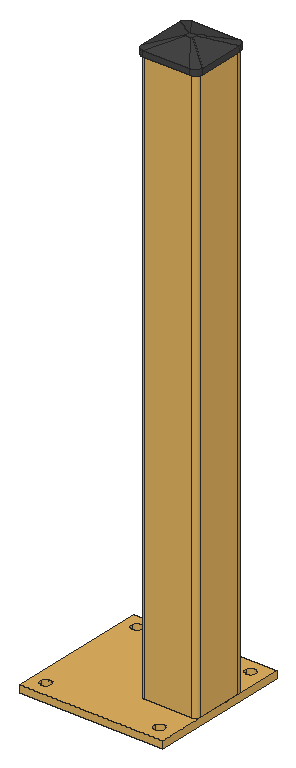
Revit family "Safety-Equipment_Metal-Railings_Omega-Industrial_4x4-Offset-Perimeter-Post", category Balusters, Revit 2026
Family settings
  Classification Number = 23.30.80.17
  Always vertical = Yes
  Cut with Voids When Loaded = No
  Shared = No
Parameters
  Warranty Duration (Years) = 0
  URL = "https://www.arcat.com/arcatcos/cos42/arc42113.html"
  built-in parameter 1008623 [instance] = 0.56671 (stored number, unit not read)
  Specification = "https://www.arcat.com/sd/clients/omegaind.html?coid=42113"
  built-in parameter 1008625 [instance] = (empty or 0)
  Send Message = "https://www.omegaindl.com/lp-contact-us/"
  Sales Information = "https://www.omegaindl.com/lp-request-quote/"
  Revision = "R0_06-2018"
  Product Properties = "https://www.omegaindl.com/products/"
  Product Data = "https://www.arcat.com/arcatcos/cos42/arc42113.html"
  Post Material = Omega_7 Ga. Steel
  Post Cap Material = Omega_Black Plastic Bollard Cap
  Post = yes
  Model = "As Specified in 05 52 00"
  Manufacturer Website = "https://www.omegaindl.com/"
  Manufacturer Phone - Toll Free = "800-521-8272"
  Manufacturer Phone = "800-521-8272"
  Manufacturer Fax = "262-284-4199"
  Manufacturer Address = "795 Progress Dr. P. O. Box 80303 Sawkville, WI 53080"
  Manufacturer = "Omega Industrial Products, Inc."
  Maintenance Schedule (Months) = 0
  Keynote = "41 67 19"
  Installation-Fabrication = ""
  Installation Phase = "Industrial Safety Equipment"
  Green Building-LEED = ""
  Expected Lifespan (Years) = 25
  Drawn By = "Sumex Design, Inc. / Robert S. Weygant, CSI, CDT, SCIP"
  Description = "Baluster Post as Specified in 05 52 00"
  Copyright = "2018 ARCAT, Inc."
  Construction Details = ""
  Company_ID = 42113
  built-in parameter 1008624 [instance] = 0.56671 (stored number, unit not read)
  Base Plate Width = 0' - 10"  # constant formula
  Base Plate Depth = Base Plate Width  # 0' - 10"
  Base Material = Omega_1/2 in Steel
  built-in parameter 1008622 [instance] = 3' - 6"
  Assembly Code = "C2010400"
Reference planes (in)
  plane 1 "Center (Front/Back)": y = 2.12361
  plane 2: z = 0
  plane 3 "Center (Left/Right)": x = -0.75
  plane 4 "Top": z = 42
  plane 5 "Top of Post": z = 64
  plane 6: z = 0.5
  plane 7: x = -5.75
  plane 8: x = 4.25
  plane 9: y = 7.12361
  plane 10: y = -2.87639
  plane 11: z = 41
  plane 12: z = 41.375
Forms (in)
  Extrusion 1, solid, material "Omega_1/2 in Steel" <- "Base Material"
    sketch origin (0, 0, 0) x (1, 0, 0) y (0, 1, 0)
      loop
        line (-5.75, 7.12361) -> (-5.75, -2.87639) -> (4.25, -2.87639) -> (4.25, 7.12361) -> (-5.75, 7.12361)
      loop
        circle (-4.75, 6.12361) r 0.375
      loop
        circle (3.25, 6.12361) r 0.375
      loop
        circle (-4.75, -1.87639) r 0.375
      loop
        circle (3.25, -1.87639) r 0.375
    from 0 to 0.5
  Sweep 2, solid, material "Omega_7 Ga. Steel" <- "Post Material"
    path origin (2.25, 0, 0) x (0, 1, 0) y (0, 0, 1)
      loop
        line (2.12361, 0.5) -> (2.12361, 41)
    profile "HSS-Hollow Structural Section-Profile : HSS4X4X3/16" origin (2.25, 2.12361, 20.75) x (0, -1, 0) y (1, 0, 0)
      loop
        arc (-1.652, 1.826) -> (-1.77504, 1.77504) -> (-1.826, 1.652) r 0.174
        line (-1.826, 1.652) -> (-1.826, -1.652)
        arc (-1.826, -1.652) -> (-1.77504, -1.77504) -> (-1.652, -1.826) r 0.174
        line (-1.652, -1.826) -> (1.652, -1.826)
        arc (1.652, -1.826) -> (1.77504, -1.77504) -> (1.826, -1.652) r 0.174
        line (1.826, -1.652) -> (1.826, 1.652)
        arc (1.826, 1.652) -> (1.77504, 1.77504) -> (1.652, 1.826) r 0.174
        line (1.652, 1.826) -> (-1.652, 1.826)
      loop
        arc (-2, -1.652) -> (-1.89807, -1.89807) -> (-1.652, -2) r 0.348
        line (-1.652, -2) -> (1.652, -2)
        arc (1.652, -2) -> (1.89807, -1.89807) -> (2, -1.652) r 0.348
        line (2, -1.652) -> (2, 1.652)
        arc (2, 1.652) -> (1.89807, 1.89807) -> (1.652, 2) r 0.348
        line (1.652, 2) -> (-1.652, 2)
        arc (-1.652, 2) -> (-1.89807, 1.89807) -> (-2, 1.652) r 0.348
        line (-2, 1.652) -> (-2, -1.652)
  Extrusion 3, solid, material "Omega_Black Plastic Bollard Cap" <- "Post Cap Material"
    sketch origin (3, -16.5529, 41) x (-1, 0, 0) y (0, 1, 0)
      loop
        arc (-0.902, 20.80152) -> (-1.23646, 20.66298) -> (-1.375, 20.32852) r 0.473
        line (-1.375, 20.32852) -> (-1.375, 17.02452)
        arc (-1.375, 17.02452) -> (-1.23646, 16.69005) -> (-0.902, 16.55152) r 0.473
        line (-0.902, 16.55152) -> (2.402, 16.55152)
        arc (2.402, 16.55152) -> (2.73646, 16.69005) -> (2.875, 17.02452) r 0.473
        line (2.875, 17.02452) -> (2.875, 20.32852)
        arc (2.875, 20.32852) -> (2.73646, 20.66298) -> (2.402, 20.80152) r 0.473
        line (2.402, 20.80152) -> (-0.902, 20.80152)
    from -0.375 to 0
  Blend 4, solid, material "Omega_Black Plastic Bollard Cap" <- "Post Cap Material"
    base sketch origin (3, -16.5529, 41.375) x (-1, 0, 0) y (0, -1, 0)
      loop
        line (-0.902, -20.80152) -> (2.402, -20.80152)
        arc (2.402, -20.80152) -> (2.73646, -20.66298) -> (2.875, -20.32852) r 0.473
        line (2.875, -20.32852) -> (2.875, -17.02452)
        arc (2.875, -17.02452) -> (2.73646, -16.69005) -> (2.402, -16.55152) r 0.473
        line (2.402, -16.55152) -> (-0.902, -16.55152)
        arc (-0.902, -16.55152) -> (-1.23646, -16.69005) -> (-1.375, -17.02452) r 0.473
        line (-1.375, -17.02452) -> (-1.375, -20.32852)
        arc (-1.375, -20.32852) -> (-1.23646, -20.66298) -> (-0.902, -20.80152) r 0.473
    top sketch origin (3, -16.5529, 41.375) x (-1, 0, 0) y (0, -1, 0)
      loop
        line (0.55565, -18.92652) -> (0.94435, -18.92652)
        arc (0.94435, -18.92652) -> (0.9837, -18.91022) -> (1, -18.87087) r 0.05565
        line (1, -18.87087) -> (1, -18.48216)
        arc (1, -18.48216) -> (0.9837, -18.44281) -> (0.94435, -18.42652) r 0.05565
        line (0.94435, -18.42652) -> (0.55565, -18.42652)
        arc (0.55565, -18.42652) -> (0.5163, -18.44281) -> (0.5, -18.48216) r 0.05565
        line (0.5, -18.48216) -> (0.5, -18.87087)
        arc (0.5, -18.87087) -> (0.5163, -18.91022) -> (0.55565, -18.92652) r 0.05565
    from 0 to 0.625
Cuts and joins
  joined: Extrusion 3, Blend 4
Text (in)
  text "Baluster Post Elevation" at (0, 56.5946, 48.5925), in view "Left"
Dimensions and locks (in)
  "built-in parameter 1008622": plane 2 to plane 4 "Top"
  locked: plane 6 to plane 2 at 0.5
  equal spacing: plane 7, plane 3 "Center (Left/Right)", plane 8
  "Base Plate Width": plane 7 to plane 8
  equal spacing: plane 10, plane 1 "Center (Front/Back)", plane 9
  "Base Plate Depth": plane 10 to plane 9
  locked: plane 11 to plane 12 at 0.375
  plane 11 to plane 4 "Top" = 0' - 1"
  aligned and locked: Extrusion 1 sketch curve to plane 7
  aligned and locked: plane 8 to Extrusion 1 sketch curve
  aligned and locked: Extrusion 1 sketch curve to plane 9
  aligned and locked: plane 10 to Extrusion 1 sketch curve
  aligned and locked: plane 2 to level
  aligned and locked: Extrusion 1 to plane 2
  aligned and locked: Extrusion 1 to plane 6
  aligned and locked: plane 11 to Sweep 2 sketch curve
  aligned and locked: plane 6 to Sweep 2 sketch curve
  aligned and locked: plane 11 to Extrusion 3
  aligned and locked: Extrusion 3 to plane 12
  aligned and locked: Blend 4 sketch curve to Extrusion 3  (x4)
  aligned and locked: plane 12 to Blend 4
  aligned and locked: Blend 4 to plane 4 "Top"
Automatic sketch dimensions
  plane 7 to Extrusion 1 sketch curve = 0' - 1"  (x2)
  plane 9 to Extrusion 1 sketch curve = 0' - 1"  (x2)
  plane 8 to Extrusion 1 sketch curve = 0' - 1"  (x2)
  plane 10 to Extrusion 1 sketch curve = 0' - 1"  (x2)
  plane 1 "Center (Front/Back)" to Sweep 2 sketch curve = 0' - 0"
  plane 3 "Center (Left/Right)" to Extrusion 3 sketch curve = 0' - 5 1/8"
  Extrusion 3 sketch curve to Extrusion 3 sketch curve = 0' - 0.473"  (x3)
  plane 3 "Center (Left/Right)" to Extrusion 3 sketch curve = 0' - 1.348"  (x2)
  Extrusion 3 sketch curve to plane 1 "Center (Front/Back)" = 0' - 2 1/8"
  plane 1 "Center (Front/Back)" to Extrusion 3 sketch curve = 0' - 1.652"
  plane 3 "Center (Left/Right)" to Blend 4 sketch curve = 0' - 3 1/4"
  Blend 4 sketch curve to Blend 4 sketch curve = 0' - 0.05565"  (x3)
  plane 3 "Center (Left/Right)" to Blend 4 sketch curve = 0' - 2.80565"  (x2)
  Blend 4 sketch curve to plane 1 "Center (Front/Back)" = 0' - 0 1/4"
  plane 1 "Center (Front/Back)" to Blend 4 sketch curve = 0' - 0.19435"
  radius of Extrusion 1 sketch curve = 0' - 0 3/8"  (x4)
